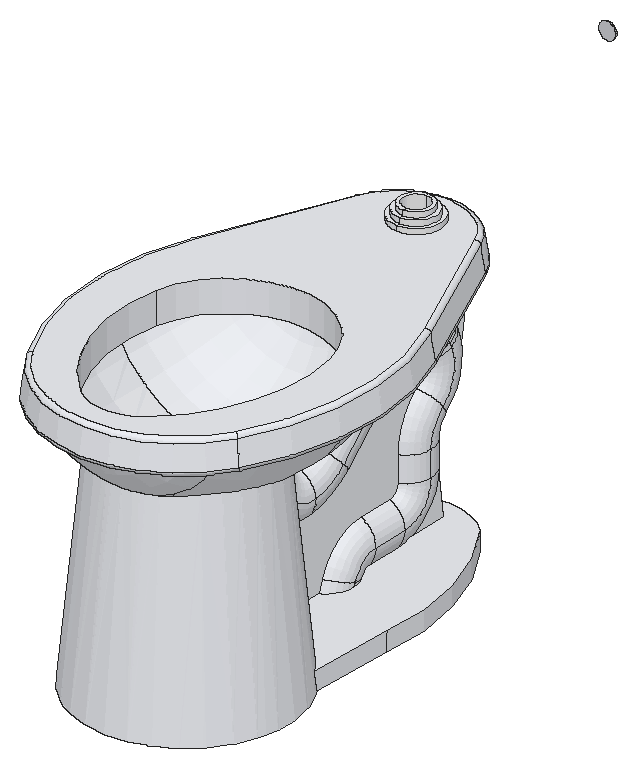
Revit family "Toilet-American_Standard-Right_Width-3641.001", category Plumbing Fixtures, Revit 2014
Parameters (values of type "3641.001")
  Width = 17"  # constant formula
  Waste Connection Radius = 1"
  Waste Connection Diameter = Waste Connection Radius * 2  # 2"
  Waste Connection = yes
  Warranty Information = "1 Year Limited"
  WFU = 10
  Vent Connection = no
  URL = "http://www.americanstandard.ca"
  Revised Date = "06/16/2015"
  Product Page URL = "http://www.americanstandard.ca/commercial-toilets/right-width-flowise-right-height-elongated-toilet/"
  Product Documentation Link = "http://www.americanstandard.ca/assets/documents/amstdca/spec/SpecSheet_2684.pdf"
  Price = "Prices may vary. Please consult Manufacturer Representative for most up-to-date price list."  # constant formula
  Model = "3641.001"
  Material = "Vitreous China-American Standard-020"
  Manufacturer = "American Standard"
  Length = 28 1/4"
  Installation Type = "Deck Mounted"
  Height = 17 1/8"
  HWFU = 0
  HW Connection = no
  Flow Rate = "6.0 Lpf/1.3 gpf"
  Description = "3641.001-American Standard-Right Width FloWise Elongated Right Height Flushometer Toilet - Top spud."
  Cold Water Connection Radius = 1/2"
  Cold Water Connection Diameter = Cold Water Connection Radius * 2  # 1"
  CWFU = 10
  CW Connection = yes
  Bowl Shape = "Elongated"
  Assembly Code = "D2010110"
  ADA Compliant = yes
Reference planes (in)
  plane 1 "Center (Front/Back)": y = 0
  plane 2: z = 0
  plane 3 "Center (Left/Right)": x = 0
  plane 4: y = -28.25
  plane 5: x = -8.5
  plane 6: x = 8.5
  plane 7: y = -9.75
  plane 8: y = -3.5
  plane 9: z = 17.125
  plane 10: x = -0.60199
  plane 11: x = 0.60199
  plane 12: through (0, -180, 0) normal (-0.9994, 0, -0.0349)
  plane 13: x = 4.75
  plane 14: z = 28.5
Forms (in)
  Extrusion 1, solid, material "Vitreous China-American Standard-020"
    sketch origin (0, 0, 0) x (1, 0, 0) y (0, 1, 0)
      loop
        circle (0, -3.5) r 0.8027
      loop
        line (7.28723, -11.05313) -> (3.9072, -3.15551)
        arc (3.9072, -3.15551) -> (0, -0.57772) -> (-3.9072, -3.15551) r 4.25
        line (-3.9072, -3.15551) -> (-7.28723, -11.05313)
        arc (-7.28723, -11.05313) -> (-8.47135, -17.89691) -> (-6.4533, -24.54273) r 15.03591
        arc (-6.4533, -24.54273) -> (0, -28.25018) -> (6.4533, -24.54273) r 7.47014
        arc (6.4533, -24.54273) -> (8.47135, -17.89691) -> (7.28723, -11.05313) r 15.03591
    from 15.2586 to 17.125
  Sweep 2, void
    path origin (0, 0, 0) x (1, 0, 0) y (0, 1, 0)
      loop
        line (7.28723, -11.05313) -> (3.9072, -3.15551)
        arc (3.9072, -3.15551) -> (0, -0.57772) -> (-3.9072, -3.15551) r 4.25
        line (-3.9072, -3.15551) -> (-7.28723, -11.05313)
        arc (-7.28723, -11.05313) -> (-8.47135, -17.89691) -> (-6.4533, -24.54273) r 15.03591
        arc (-6.4533, -24.54273) -> (0, -28.25018) -> (6.4533, -24.54273) r 7.47014
        arc (6.4533, -24.54273) -> (8.47135, -17.89691) -> (7.28723, -11.05313) r 15.03591
    profile origin (0, -28.25018, 0) x (0, 1, 0) y (0, 0, 1)
      loop
        line (0.05766, 15.48125) -> (0.28915, 16.88674)
        arc (0.28915, 16.88674) -> (0.38577, 17.0574) -> (0.56987, 17.125) r 0.2845
        line (0.56987, 17.125) -> (-0.4779, 17.125) -> (-0.4779, 15.2586) -> (0.24664, 15.2586)
        arc (0.24664, 15.2586) -> (0.10062, 15.32619) -> (0.05766, 15.48125) r 0.19152
  Revolve 3, solid, material "Vitreous China-American Standard-020"
    sketch origin (0, -0.47184, 18.25) x (1, 0, 0) y (0, 1, 0)
      loop
        arc (0, -8.96917) -> (-5.65685, -11.31231) -> (-8, -16.96917) r 8
        arc (-8, -16.96917) -> (-7.49663, -20.76135) -> (-6.02136, -24.29088) r 14.53591
        arc (-6.02136, -24.29088) -> (-3.47216, -26.82379) -> (0, -27.75018) r 6.97014
        line (0, -27.75018) -> (0, -8.96917)
      axis (0, -8.96917) -> (0, -27.75018)
    angle from 0 to 360
  Extrusion 4, void
    sketch origin (0, 0, 0) x (0, 1, 0) y (0, 0, 1)
      loop
        line (-7.70667, 28.22389) -> (-30.70667, 28.22389) -> (-30.70667, 16.22389) -> (-7.70667, 16.22389) -> (-7.70667, 28.22389)
    from -9.8526 to 12
  Blend 5, solid, material "Vitreous China-American Standard-020"
    base sketch origin (0, 0.25099, 0) x (1, 0, 0) y (0, 1, 0)
      loop
        arc (-3.76207, -16.33253) -> (-4.17517, -16.42184) -> (-4.51448, -16.67384) r 1
        arc (-4.51448, -16.67384) -> (0, -26.62599) -> (4.51448, -16.67384) r 6
        arc (4.51448, -16.67384) -> (4.17517, -16.42184) -> (3.76207, -16.33253) r 1
        line (3.76207, -16.33253) -> (-3.76207, -16.33253)
    top sketch origin (0, 0.25099, 0) x (1, 0, 0) y (0, 1, 0)
      loop
        line (2.80621, -17.33253) -> (-2.80621, -17.33253)
        arc (-2.80621, -17.33253) -> (-3.23468, -17.42898) -> (-3.58051, -17.69971) r 1
        arc (-3.58051, -17.69971) -> (0, -25.25018) -> (3.58051, -17.69971) r 4.62419
        arc (3.58051, -17.69971) -> (3.23468, -17.42898) -> (2.80621, -17.33253) r 1
    from 0 to 13.97424
  Sweep 6, solid, material "Vitreous China-American Standard-020"
    path origin (0, 0, 0) x (0, 1, 0) y (0, 0, 1)
      loop
        line (-14.92849, 11.67956) -> (-14.92849, 8.9353)
        arc (-14.92849, 8.9353) -> (-14.28338, 7.46416) -> (-12.76421, 6.94206) r 2
        arc (-12.76421, 6.94206) -> (-11.64015, 7.22612) -> (-10.66916, 7.85967) r 3.52307
        line (-10.66916, 7.85967) -> (-6.58174, 11.6175)
        arc (-6.58174, 11.6175) -> (-4.53912, 12.18439) -> (-2.88372, 10.86026) r 2.32801
        arc (-2.88372, 10.86026) -> (-2.82268, 10.72519) -> (-2.76137, 10.59024) r 73.01873
        arc (-2.76137, 10.59024) -> (-2.59878, 9.05747) -> (-3.38854, 7.73379) r 2.43669
        arc (-3.38854, 7.73379) -> (-4.02952, 6.88148) -> (-4.25697, 5.83958) r 2.5
        line (-4.25697, 5.83958) -> (-4.25697, 4.35242)
        arc (-4.25697, 4.35242) -> (-4.83094, 2.96675) -> (-6.2166, 2.39279) r 1.95963
        line (-6.2166, 2.39279) -> (-8.34724, 2.39279)
        arc (-8.34724, 2.39279) -> (-9.2918, 2.09046) -> (-9.88526, 1.29584) r 1.6267
        line (-9.88526, 1.29584) -> (-10.14466, 0.54271)
    profile origin (0, -4.25697, 5.096) x (1, 0, 0) y (0, 1, 0)
      loop
        circle (0, 0) r 1.5
  Blend 7, solid, material "Vitreous China-American Standard-020"
    base sketch origin (0, 0, 0) x (1, 0, 0) y (0, 1, 0)
      loop
        arc (2.75454, -2.28635) -> (2.7426, -2.27106) -> (2.72974, -2.25653) r 0.31375
        arc (2.72974, -2.25653) -> (0, -1.07772) -> (-2.72974, -2.25653) r 3.75
        arc (-2.72974, -2.25653) -> (-2.7426, -2.27106) -> (-2.75454, -2.28635) r 0.31375
        arc (-2.75454, -2.28635) -> (-4.98316, -7.0172) -> (-5.28161, -12.23818) r 13.73265
        arc (-5.28161, -12.23818) -> (-5.02157, -16.44516) -> (-5.37415, -20.64541) r 28.9989
        arc (-5.37415, -20.64541) -> (0, -26.00018) -> (5.37415, -20.64541) r 5.37419
        arc (5.37415, -20.64541) -> (5.02157, -16.44516) -> (5.28161, -12.23818) r 28.9989
        arc (5.28161, -12.23818) -> (4.98316, -7.0172) -> (2.75454, -2.28635) r 13.73265
    top sketch origin (0, 0, 0) x (1, 0, 0) y (0, 1, 0)
      loop
        arc (5.37415, -20.64541) -> (5.02157, -16.44516) -> (5.28161, -12.23818) r 28.9989
        arc (5.28161, -12.23818) -> (4.98316, -7.0172) -> (2.75454, -2.28635) r 13.73265
        arc (2.75454, -2.28635) -> (2.7426, -2.27106) -> (2.72974, -2.25653) r 0.31375
        arc (2.72974, -2.25653) -> (0, -1.07772) -> (-2.72974, -2.25653) r 3.75
        arc (-2.72974, -2.25653) -> (-2.7426, -2.27106) -> (-2.75454, -2.28635) r 0.31375
        arc (-2.75454, -2.28635) -> (-4.98316, -7.0172) -> (-5.28161, -12.23818) r 13.73265
        arc (-5.28161, -12.23818) -> (-5.02157, -16.44516) -> (-5.37415, -20.64541) r 28.9989
        arc (-5.37415, -20.64541) -> (0, -26.00018) -> (5.37415, -20.64541) r 5.37419
    from 0 to 1.07951
  Extrusion 8, solid, material "Vitreous China-American Standard-020"
    sketch origin (0, 0, 0) x (0, 1, 0) y (0, 0, 1)
      loop
        line (-16.95793, 1.07951) -> (-2.27093, 1.07951)
        arc (-2.27093, 1.07951) -> (-2.59583, 3.35352) -> (-2.88755, 5.63202) r 157.64243
        arc (-2.88755, 5.63202) -> (-2.5216, 7.48286) -> (-1.13483, 8.76209) r 3.04244
        arc (-1.13483, 8.76209) -> (-0.70416, 12.00307) -> (-0.98585, 15.26039) r 15.00179
        line (-0.98585, 15.26039) -> (-9.91189, 15.26039)
        arc (-9.91189, 15.26039) -> (-13.02588, 11.63241) -> (-17.59812, 10.23468) r 8.57857
        line (-17.59812, 10.23468) -> (-16.95793, 1.07951)
    from -0.60199 to 0.60199
  Extrusion 9, void
    sketch origin (0, 0, 0) x (1, 0, 0) y (0, 1, 0)
      loop
        arc (-5.11995, -16.20379) -> (-4.84102, -21.38664) -> (-1.99138, -25.72476) r 9.95576
        arc (-1.99138, -25.72476) -> (0, -26.48101) -> (1.99138, -25.72476) r 3
        arc (1.99138, -25.72476) -> (4.84102, -21.38664) -> (5.11995, -16.20379) r 9.95576
        arc (5.11995, -16.20379) -> (0, -12.05991) -> (-5.11995, -16.20379) r 5.2349
    from 15.2586 to 18.68441
  Revolve 10, void
    sketch origin (0, -0.47184, 18.25) x (1, 0, 0) y (0, 1, 0)
      loop
        arc (0, -9.71917) -> (-5.12652, -11.84264) -> (-7.25, -16.96917) r 7.25
        arc (-7.25, -16.96917) -> (-6.7726, -20.56568) -> (-5.37346, -23.91311) r 13.78591
        arc (-5.37346, -23.91311) -> (-3.09855, -26.17347) -> (0, -27.00018) r 6.22014
        line (0, -27.00018) -> (0, -9.71917)
      axis (0, -27.00018) -> (0, -9.71917)
    angle from 0 to 360
  Extrusion 11, solid
    sketch origin (0, 0, 0) x (1, 0, 0) y (0, 0, 1)
      loop
        circle (8.5, 28.5) r 0.5
    from 0 to 0.0625
  Extrusion 12, void
    sketch origin (0, 5.17849, 0) x (1, 0, 0) y (0, 1, 0)
      loop
        circle (0, -14.92849) r 1
    from -0.74474 to 0.57951
  Revolve 13, solid, material "Vitreous China-American Standard-021-Bone"
    sketch origin (0, 0.5, 2.125) x (0, 1, 0) y (0, 0, 1)
      loop
        line (-4.75, 15.875) -> (-4.9531, 15.875) -> (-4.9531, 15.59375) -> (-5.2031, 15.59375) -> (-5.2031, 15.28125) -> (-5.4531, 15.28125) -> (-5.4531, 15) -> (-4.75, 15) -> (-4.75, 15.875)
      axis (-4, 15) -> (-4, 15.875)
    angle from 0 to 360
Cuts and joins
  Sweep 2, Extrusion 9, Extrusion 12 cuts Extrusion 1
  Extrusion 4, Extrusion 9, Revolve 10, Extrusion 12 cuts Revolve 3
  Extrusion 9, Revolve 10, Extrusion 12 cuts Blend 5
  Extrusion 9, Revolve 10, Extrusion 12 cuts Sweep 6
  Extrusion 9, Extrusion 12 cuts Blend 7
  joined: Extrusion 1, Revolve 3, Blend 5, Sweep 6, Blend 7
  Extrusion 9 cuts Extrusion 8
Lines and regions (in)
  Masking region 1
    outline origin (0, 0, 0) x (1, 0, 0) y (0, 1, 0)
      loop
        arc (0, -28.25) -> (3.64643, -27.25811) -> (6.32865, -24.59615) r 7.40514
        arc (6.32865, -24.59615) -> (7.79155, -21.2513) -> (8.42545, -17.65598) r 15.39013
        arc (8.42545, -17.65598) -> (8.33778, -15.02203) -> (7.78563, -12.44512) r 14.84161
        arc (7.78563, -12.44512) -> (5.91194, -7.96564) -> (4.00549, -3.5) r 662.94196
        arc (4.00549, -3.5) -> (2.46836, -1.41183) -> (0, -0.61784) r 4.21678
        arc (0, -0.61784) -> (-2.46836, -1.41183) -> (-4.00549, -3.5) r 4.21678
        arc (-4.00549, -3.5) -> (-5.91194, -7.96564) -> (-7.78563, -12.44512) r 662.94196
        arc (-7.78563, -12.44512) -> (-8.33778, -15.02203) -> (-8.42545, -17.65598) r 14.84161
        arc (-8.42545, -17.65598) -> (-7.79155, -21.2513) -> (-6.32865, -24.59615) r 15.39013
        arc (-6.32865, -24.59615) -> (-3.64643, -27.25811) -> (0, -28.25) r 7.40514
  symbolic lines, style "PlumbingFixtures", detail levels medium+fine
    curve 1: arc (5.11995, -16.20379, 0) -> (0, -12.05991, 0) -> (-5.11995, -16.20379, 0) r 5.2349
    curve 2: arc (-5.11995, -16.20379, 0) -> (-4.84102, -21.38664, 0) -> (-1.99138, -25.72476, 0) r 9.95576
    curve 3: arc (-1.99138, -25.72476, 0) -> (0, -26.48101, 0) -> (1.99138, -25.72476, 0) r 3
    curve 4: arc (1.99138, -25.72476, 0) -> (4.84102, -21.38664, 0) -> (5.11995, -16.20379, 0) r 9.95576
  symbolic lines, detail levels medium+fine
    curve 5: circle (0, -3.5, 0) r 0.75 normal (0, 0, -1)
    curve 6: circle (0, -3.5, 0) r 1.4531 normal (0, 0, -1)
  symbolic lines, detail levels fine
    curve 7: circle (0, -3.5, 0) r 1.2031 normal (0, 0, -1)
    curve 8: circle (0, -3.5, 0) r 0.9531 normal (0, 0, -1)
Dimensions and locks (in)
  "Length": plane 1 "Center (Front/Back)" to plane 4
  equal spacing: plane 5, plane 3 "Center (Left/Right)", plane 6
  "Width": plane 5 to plane 6
  locked: plane 7 to plane 4 at 18.5
  plane 1 "Center (Front/Back)" to plane 8 = 3 1/2"
  "Height": plane 9 to level
  locked: plane 13 to plane 3 "Center (Left/Right)" at 4.75
  locked: plane 14 to level at 28.5
Automatic sketch dimensions
  Extrusion 1 sketch curve to plane 3 "Center (Left/Right)" = 0"  (x3)
  Extrusion 1 sketch curve to plane 8 = 0"
  plane 8 to Extrusion 1 sketch curve = 0.34449"  (x2)
  Extrusion 1 sketch curve to plane 10 = 3.30521"
  Extrusion 1 sketch curve to plane 5 = 1.96409"
  Extrusion 1 sketch curve to plane 5 = 1.21277"
  Extrusion 1 sketch curve to plane 13 = 1.78591"
  Extrusion 1 sketch curve to plane 6 = 1.21277"
  Extrusion 1 sketch curve to plane 8 = 1.32772"
  Extrusion 1 sketch curve to plane 7 = 1.30313"  (x2)
  Extrusion 1 sketch curve to Extrusion 1 sketch curve = 5.91603"  (x2)
  Extrusion 1 sketch curve to Extrusion 1 sketch curve = 3.81087"
  Extrusion 1 sketch curve to Extrusion 1 sketch curve = 0"
  Sweep 2 sketch curve to plane 3 "Center (Left/Right)" = 0"  (x2)
  plane 8 to Sweep 2 sketch curve = 0.34449"  (x2)
  Sweep 2 sketch curve to plane 10 = 3.30521"
  Sweep 2 sketch curve to plane 5 = 1.96409"
  Sweep 2 sketch curve to plane 5 = 1.21277"
  Sweep 2 sketch curve to plane 13 = 1.78591"
  Sweep 2 sketch curve to plane 6 = 1.21277"
  Sweep 2 sketch curve to plane 8 = 1.32772"
  Sweep 2 sketch curve to plane 7 = 1.30313"  (x2)
  Sweep 2 sketch curve to Sweep 2 sketch curve = 5.91603"  (x2)
  Sweep 2 sketch curve to Sweep 2 sketch curve = 3.81087"
  Sweep 2 sketch curve to Sweep 2 sketch curve = 0"  (x3)
  profile plane to Sweep 2 sketch curve = 0.4779"
  Sweep 2 sketch curve to profile plane = 0.05766"
  Sweep 2 sketch curve to Sweep 2 sketch curve = 0.18897"
  Sweep 2 sketch curve to profile plane = 0.28915"
  Sweep 2 sketch curve to Sweep 2 sketch curve = 0.28072"
  level to Sweep 2 sketch curve = 15.2586"
  Sweep 2 sketch curve to Sweep 2 sketch curve = 0.19152"
  Sweep 2 sketch curve to Sweep 2 sketch curve = 0.03113"
  Sweep 2 sketch curve to Sweep 2 sketch curve = 1.39038"
  Sweep 2 sketch curve to Sweep 2 sketch curve = 0.04624"
  Sweep 2 sketch curve to Sweep 2 sketch curve = 61/256"
  Revolve 3 sketch curve to plane 3 "Center (Left/Right)" = 0"  (x2)
  Revolve 3 sketch curve to plane 13 = 1.78591"
  plane 4 to Revolve 3 sketch curve = 0.02798"
  Revolve 3 sketch curve to Revolve 3 sketch curve = 6.97014"
  Revolve 3 sketch curve to Revolve 3 sketch curve = 3.81087"
  plane 7 to Revolve 3 sketch curve = 0.30899"
  Revolve 3 sketch curve to Revolve 3 sketch curve = 0"
  Revolve 3 sketch curve to plane 4 = 6.72184"
  Revolve 3 sketch curve to plane 8 = 2.47184"
  Extrusion 4 sketch curve to plane 14 = 0.27611"
  Extrusion 4 sketch curve to plane 4 = 2.45667"
  Extrusion 4 sketch curve to plane 9 = 0.90111"
  plane 7 to Extrusion 4 sketch curve = 2.04333"
  Blend 5 sketch curve to plane 3 "Center (Left/Right)" = 0"  (x2)
  Blend 5 sketch curve to plane 10 = 3.16008"
  plane 13 to Blend 5 sketch curve = 0.98793"
  plane 4 to Blend 5 sketch curve = 7 7/8"  (x2)
  Blend 5 sketch curve to Blend 5 sketch curve = 3.29346"  (x2)
  Blend 5 sketch curve to Blend 5 sketch curve = 1"  (x2)
  Blend 5 sketch curve to Blend 5 sketch curve = 0"  (x2)
  Blend 5 sketch curve to plane 10 = 2.20422"
  plane 13 to Blend 5 sketch curve = 1.94379"
  Blend 5 sketch curve to Blend 5 sketch curve = 2.29346"  (x2)
  Sweep 6 sketch curve to plane 7 = 5.17849"
  Sweep 6 sketch curve to Sweep 6 sketch curve = 1.8749"
  Sweep 6 sketch curve to Sweep 6 sketch curve = 0.1251"
  Sweep 6 sketch curve to plane 7 = 0.91916"
  Sweep 6 sketch curve to plane 7 = 0.13526"
  plane 7 to Sweep 6 sketch curve = 1.40276"
  Sweep 6 sketch curve to plane 8 = 3.08174"
  Sweep 6 sketch curve to Sweep 6 sketch curve = 2.13064"
  Sweep 6 sketch curve to plane 8 = 1.50614"
  Sweep 6 sketch curve to Sweep 6 sketch curve = 7/256"
  Sweep 6 sketch curve to plane 8 = 0.75697"
  plane 8 to Sweep 6 sketch curve = 1.74303"
  plane 14 to Sweep 6 sketch curve = 12.36295"
  Sweep 6 sketch curve to plane 1 "Center (Front/Back)" = 63.68634"
  Sweep 6 sketch curve to plane 9 = 5.5075"
  Sweep 6 sketch curve to Sweep 6 sketch curve = 1.16428"
  Sweep 6 sketch curve to Sweep 6 sketch curve = 1.7138"
  Sweep 6 sketch curve to Sweep 6 sketch curve = 0.32368"
  Sweep 6 sketch curve to Sweep 6 sketch curve = 1.51792"
  Sweep 6 sketch curve to Sweep 6 sketch curve = 0.91761"
  Sweep 6 sketch curve to Sweep 6 sketch curve = 3.74044"
  Sweep 6 sketch curve to Sweep 6 sketch curve = 1.48717"
  level to Sweep 6 sketch curve = 1.29584"
  Sweep 6 sketch curve to plane 7 = 0.39466"
  Sweep 6 sketch curve to Sweep 6 sketch curve = 0"  (x2)
  Sweep 6 sketch curve to Sweep 6 sketch curve = 1.22634"
  level to Sweep 6 sketch curve = 0.54271"
  Sweep 6 sketch curve to plane 3 "Center (Left/Right)" = 0"
  profile plane to Sweep 6 sketch curve = 0"
  Blend 7 sketch curve to plane 3 "Center (Left/Right)" = 0"  (x4)
  Blend 7 sketch curve to plane 10 = 1.89936"  (x2)
  Blend 7 sketch curve to plane 5 = 0.17294"  (x2)
  Blend 7 sketch curve to plane 7 = 6.37599"  (x4)
  plane 5 to Blend 7 sketch curve = 25.51872"  (x2)
  Blend 7 sketch curve to plane 11 = 1.89936"  (x2)
  Blend 7 sketch curve to plane 6 = 0.17294"  (x2)
  plane 6 to Blend 7 sketch curve = 25.51872"  (x2)
  plane 4 to Blend 7 sketch curve = 7.62401"  (x2)
  Blend 7 sketch curve to plane 7 = 0.64707"  (x4)
  Blend 7 sketch curve to plane 8 = 1.32772"  (x2)
  plane 8 to Blend 7 sketch curve = 1.02834"  (x4)
  Blend 7 sketch curve to Blend 7 sketch curve = 0.22839"  (x2)
  Blend 7 sketch curve to Blend 7 sketch curve = 0"  (x12)
  Blend 7 sketch curve to plane 5 = 3.12585"  (x2)
  plane 9 to Extrusion 8 sketch curve = 1.68737"
  Extrusion 8 sketch curve to plane 7 = 7.97056"
  Extrusion 8 sketch curve to plane 7 = 7.84812"
  level to Extrusion 8 sketch curve = 1.07951"
  Extrusion 8 sketch curve to plane 7 = 7.20793"
  Extrusion 8 sketch curve to Extrusion 8 sketch curve = 1.89611"
  Extrusion 8 sketch curve to plane 7 = 0.16189"
  plane 8 to Extrusion 8 sketch curve = 1.22907"
  plane 1 "Center (Front/Back)" to Extrusion 8 sketch curve = 0.98585"
  Extrusion 8 sketch curve to plane 1 "Center (Front/Back)" = 0.13299"
  Extrusion 8 sketch curve to plane 14 = 3.98769"
  Extrusion 8 sketch curve to plane 1 "Center (Front/Back)" = 153.62018"
  Extrusion 8 sketch curve to Extrusion 8 sketch curve = 4.91689"
  Extrusion 8 sketch curve to Extrusion 8 sketch curve = 8.5777"
  Extrusion 8 sketch curve to Extrusion 8 sketch curve = 2.11224"
  Extrusion 8 sketch curve to Extrusion 8 sketch curve = 0"
  Extrusion 9 sketch curve to plane 3 "Center (Left/Right)" = 0"  (x2)
  Extrusion 9 sketch curve to plane 5 = 3 113/128"
  plane 13 to Extrusion 9 sketch curve = 17/128"
  plane 4 to Extrusion 9 sketch curve = 4.76899"
  Extrusion 9 sketch curve to Extrusion 9 sketch curve = 5.20232"  (x2)
  Extrusion 9 sketch curve to Extrusion 9 sketch curve = 0.98389"
  Extrusion 9 sketch curve to plane 10 = 1.38939"
  Extrusion 9 sketch curve to Extrusion 9 sketch curve = 0"  (x3)
  Revolve 10 sketch curve to plane 3 "Center (Left/Right)" = 0"  (x2)
  Revolve 10 sketch curve to plane 13 = 1.78591"
  plane 4 to Revolve 10 sketch curve = 0.77798"
  Revolve 10 sketch curve to Revolve 10 sketch curve = 6.22014"
  Revolve 10 sketch curve to Revolve 10 sketch curve = 3.81087"
  Revolve 10 sketch curve to plane 7 = 0.44101"
  Revolve 10 sketch curve to Revolve 10 sketch curve = 0"
  Revolve 10 sketch curve to plane 4 = 4"
  Revolve 10 sketch curve to plane 8 = 2 3/4"
  Masking region 1 sketch curve to plane 8 = 0"  (x2)
  Masking region 1 sketch curve to plane 3 "Center (Left/Right)" = 0"  (x2)
  Masking region 1 sketch curve to plane 4 = 0"
  Masking region 1 sketch curve to plane 3 "Center (Left/Right)" = 0.00549"
  Masking region 1 sketch curve to plane 3 "Center (Left/Right)" = 0.05614"
  Masking region 1 sketch curve to plane 5 = 2.1068"
  Masking region 1 sketch curve to Masking region 1 sketch curve = 0.54767"  (x2)
  plane 5 to Masking region 1 sketch curve = 596.24195"
  plane 3 "Center (Left/Right)" to Masking region 1 sketch curve = 0.00549"
  plane 3 "Center (Left/Right)" to Masking region 1 sketch curve = 0.05614"
  Masking region 1 sketch curve to plane 13 = 1.6432"
  plane 6 to Masking region 1 sketch curve = 596.24195"
  Masking region 1 sketch curve to plane 4 = 237.7735"  (x2)
  plane 4 to Masking region 1 sketch curve = 7.40493"
  Masking region 1 sketch curve to Masking region 1 sketch curve = 0"  (x4)
  Masking region 1 sketch curve to Masking region 1 sketch curve = 4.0143"  (x2)
  Masking region 1 sketch curve to Masking region 1 sketch curve = 0.0305"  (x2)
  Masking region 1 sketch curve to plane 8 = 1.33462"
  Masking region 1 sketch curve to plane 10 = 3.4035"
  Masking region 1 sketch curve to plane 5 = 0.71437"
  Masking region 1 sketch curve to plane 6 = 0.71437"
  Extrusion 11 sketch curve to plane 6 = 0"
  Extrusion 11 sketch curve to plane 14 = 0"
  Extrusion 12 sketch curve to Extrusion 12 sketch curve = 0"  (x2)
  Extrusion 12 sketch curve to plane 7 = 0"
  Extrusion 12 sketch curve to plane 3 "Center (Left/Right)" = 0"
  Extrusion 12 sketch curve to plane 10 = 0.39801"
  Revolve 13 sketch curve to plane 9 = 0"
  Revolve 13 sketch curve to plane 8 = 0"
  Revolve 13 sketch curve to plane 8 = 3/4"
  Revolve 13 sketch curve to Revolve 13 sketch curve = 0.2031"
  Revolve 13 sketch curve to Revolve 13 sketch curve = 1/4"  (x2)
  Revolve 13 sketch curve to Revolve 13 sketch curve = 9/32"  (x2)
  Revolve 13 sketch curve to Revolve 13 sketch curve = 5/16"
  Revolve 13 sketch curve to Revolve 13 sketch curve = 1 1/8"
  Revolve 13 sketch curve to Revolve 13 sketch curve = 1/2"
  curve 5 to curve 6 = 0"  (x2)
  curve 5 to curve 7 = 0"  (x2)
  curve 5 to curve 8 = 0"  (x2)
  curve 6 to curve 7 = 0"  (x2)
  curve 6 to curve 8 = 0"  (x2)
  curve 7 to curve 8 = 0"  (x2)
  curve 3 to plane 3 "Center (Left/Right)" = 0"
  curve 7 to plane 3 "Center (Left/Right)" = 0"
  curve 1 to plane 3 "Center (Left/Right)" = 0"
  curve 6 to plane 8 = 0"
  curve 4 to plane 5 = 3 113/128"
  plane 13 to curve 2 = 17/128"
  curve 1 to plane 7 = 7.54481"
  curve 4 to curve 1 = 0.98389"
  curve 2 to curve 1 = 0.98389"
  plane 4 to curve 3 = 4.76899"
  curve 3 to plane 10 = 1.38939"
  curve 2 to curve 3 = 0"
  curve 1 to curve 2 = 0"
  curve 4 to curve 3 = 0"
  radius of Extrusion 1 sketch curve = 0.8027"
  radius of Sweep 6 sketch curve = 1 1/2"
  radius of Extrusion 11 sketch curve = 1/2"
  radius of curve 5 = 3/4"
  radius of curve 6 = 1.4531"
  radius of curve 7 = 1.2031"
  radius of curve 8 = 0.9531"
Connectors (in)
  piping at (0, -9.75, 0), diameter 2, driven by "Waste Connection Radius", driven by "WFU"
    settings: on cut or joined group of Extrusion 1, Sweep 2, Revolve 3, Extrusion 4, Blend 5, Sweep 6, Blend 7, Extrusion 9, Revolve 10, Extrusion 12, index 1, connector inside diameter 2", connector length 0", flow factor 0, pipe flow 0 GPM, pressure drop 0.00 psi, fitting loss kfactor 0, connector angle 0.00°, fixture units 10, engagement length 0", angle of deflection 0.00°, flow configuration 3, flow direction 2, fitting loss method 0, system type 16, joint type 0, gender type 0, connector reference index -1, connector utility 0, adjustable connector no, is connector primary yes, connector description "2\" OD Drain Connection"
  piping at (8.5, 0, 28.5), diameter 1, driven by "Cold Water Connection Radius", driven by "CWFU"
    settings: on Extrusion 11, index 2, connector inside diameter 1", connector length 0", flow factor 0, pipe flow 0 GPM, pressure drop 0.00 psi, fitting loss kfactor 0, connector angle 0.00°, fixture units 10, engagement length 0", angle of deflection 0.00°, flow configuration 3, flow direction 1, fitting loss method 0, system type 20, joint type 0, gender type 0, connector reference index -1, connector utility 0, adjustable connector yes, is connector primary no, connector description "1\" Inlet Connection"
